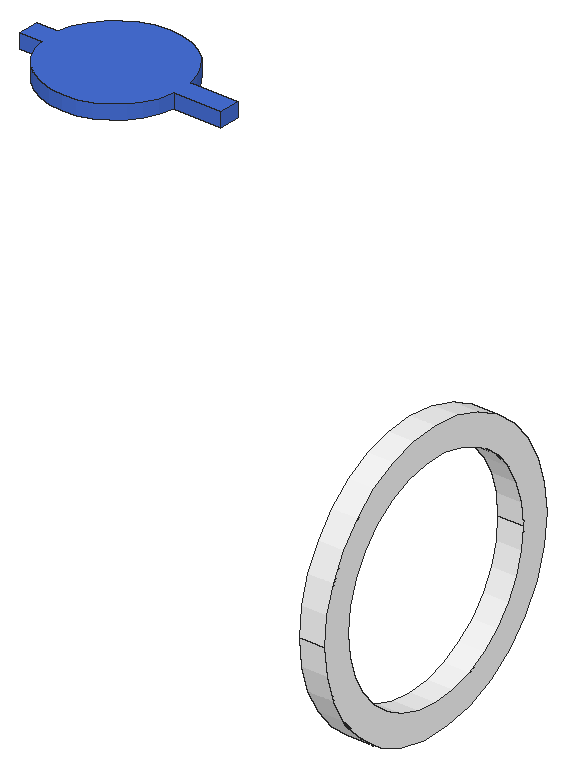
Revit family "Registro De Incorporacion De 1-2 Dzr X Pe 16 Mm", category Pipe Accessories, Revit 2020
Family settings
  Round Connector Dimension = Use Diameter
  Part Type = Valve - Breaks Into
  Work Plane-Based = No
  Always vertical = Yes
  Cut with Voids When Loaded = No
  Shared = No
Parameters (values of type "Registro De Incorporacion De 1-2 Dzr X Pe 16 Mm")
  URL = "https://pcpplasticos.co/tienda/valvula-de-bola-macho-dzr/"
  SKU = 3149 mm
  Model = "3149"
  Manufacturer = "PCP PLASTICOS"
  Imagen = "https://pcpplasticos.co/wp-content/uploads/2018/01/J.Final-Color-Output-e1531854366822.png"
  Email = "servicioalcliente@PCPplasticos.com"
  Description = "Registro De Incorporacion De 1-2 Dzr X Pe 16 Mm"
  Default Elevation = 0 mm
Reference planes
  plane 1 "Center (Front/Back)": y = 0
  plane 2: z = 0
  plane 3 "Center (Left/Right)": x = 0
Forms (mm)
  Extrusion 1, solid, material "255_255_255"
    sketch origin (0, 0, 0) x (0, 1, 0) y (0, 0, 1)
      loop
        circle (0, 0) r 19.667
      loop
        circle (0, 0) r 15.633
    from 46.876 to 50.5
  Extrusion 2, solid, material "1_60_210(1)"
    sketch origin (0, 0, 0) x (1, 0, 0) y (0, 1, 0)
      loop
        line (-7.421, 1.49) -> (-7.421, -1.49) -> (-4.409, -1.49)
        arc (-4.409, -1.49) -> (5, -9.526) -> (14.409, -1.49) r 9.526
        line (14.409, -1.49) -> (21.156, -1.49) -> (21.156, 1.49) -> (14.409, 1.49)
        arc (14.409, 1.49) -> (5, 9.526) -> (-4.409, 1.49) r 9.526
        line (-4.409, 1.49) -> (-7.421, 1.49)
    from 47.966 to 50
Dimensions and locks
  aligned and locked: level to plane 2
Connectors
  piping at (50.5, 0, 0), diameter 12.7
    settings: on Extrusion 1, index 1, connector inside diameter 609.6 mm, connector length 0 mm, flow factor 0, pipe flow 0.0 L/s, pressure drop 0.0 Pa, fitting loss kfactor 0, connector angle 0.00°, fixture units 0, engagement length 0 mm, angle of deflection 0.00°, flow configuration 0, flow direction 0, fitting loss method 0, system type 7, joint type 0, gender type 0, connector reference index -1, connector utility 0, adjustable connector no, is connector primary yes, connector description ""
  piping at (-55, 0, 0), diameter 12.7
    settings: on import instance, index 2, connector inside diameter 609.6 mm, connector length 0 mm, flow factor 0, pipe flow 0.0 L/s, pressure drop 0.0 Pa, fitting loss kfactor 0, connector angle 0.00°, fixture units 0, engagement length 0 mm, angle of deflection 0.00°, flow configuration 0, flow direction 0, fitting loss method 0, system type 7, joint type 0, gender type 0, connector reference index -1, connector utility 0, adjustable connector no, is connector primary no, connector description ""
